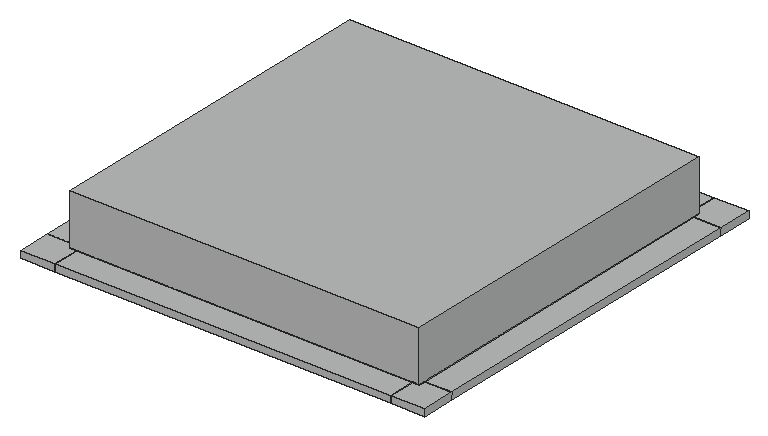
Revit family "ALUMOGIPS", category Осветительные приборы, Revit 2019 (continued)
Types (72, lengths in mm): name | Файл фотометрической сетки | built-in parameter 1150105 | Lumens | built-in parameter 1150106 | built-in parameter 1150142 | Wattage | Emit from Rectangle Width | Emit from Rectangle Length | Длина | Материал светильника | Ширина | ADSK_Ток | ADSK_Полная мощность | ADSK_Обозначение | ADSK_Номинальная мощность | ADSK_Наименование | ADSK_Масса | ADSK_Код изделия
  Alumogips-38/opal-sand 595х595 (IP54, 4000К, белый) c БАП на 1 час | "Светильник ALUMOGIPS-38 OPAL-SAND-(595x595).IES" | 302.39 (stored number, unit not read) | 3800 lm | 3.0239 (stored number, unit not read) | "IESNA:LM-63-95\r\n[TEST] Протокол № 50-12 \r\n[DATA] 20.06.2016\r\n[MORE] \r\n[MANUFAC] ЗАО \"Центрстройсвет\"\r\n[LUMCAT]  Светильник ALUMOGIPS-38/OPAL-SAND-(595x595)\r\n[LUMINAIRE]\r\n[LAMPCAT] Светодиоды\r\n[LAMP] Поток источника света (светодиодов) не известен\r\n[MORE] КСС приведена в абсолютных величинах кд\r\n[MORE] Вместо потока лампы, указан поток светильника.\r\nTILT=NONE\r\n1    3750 1.0 37 73 1 2 0.595 0.595 0.04\r\n1.0 1.0 38.7\r\n0.0 5.0 10.0 15.0 20.0 25.0 30.0 35.0 40.0 45.0 50.0 55.0 60.0 65.0 70.0 75.0 80.0 85.0 90.0 95.0 100.0 105.0 110.0 115.0 120.0 125.0 130.0 135.0 140.0 145.0 150.0 155.0 160.0 165.0 170.0 175.0 180.0\r\n0.0 5.0 10.0 15.0 20.0 25.0 30.0 35.0 40.0 45.0 50.0 55.0 60.0 65.0 70.0 75.0 80.0 85.0 90.0 95.0 100.0 105.0 110.0 115.0 120.0 125.0 130.0 135.0 140.0 145.0 150.0 155.0 160.0 165.0 170.0 175.0 180.0 185.0 190.0 195.0 200.0 205.0 210.0 215.0 220.0 225.0 230.0 235.0 240.0 245.0 250.0 255.0 260.0 265.0 270.0 275.0 280.0 285.0 290.0 295.0 300.0 305.0 310.0 315.0 320.0 325.0 330.0 335.0 340.0 345.0 350.0 355.0 360.0\r\n1391.4 1390.6 1365.7 1330.6 1277.5 1214.9 1147.5 1059.6 967.6 873.2 772.4 664.9 556.3 449.1 342.7 240.6 147.1 64.2 4.7 0.0 0.0 0.0 0.0 0.0 0.0 0.0 0.0 0.0 0.0 0.0 0.0 0.0 0.0 0.0 0.0 0.0 0.0\r\n1391.4 1390.5 1367.8 1332.7 1284.3 1221.3 1147.0 1062.1 969.2 872.4 773.2 666.3 557.1 450.1 343.8 241.9 146.9 64.7 5.2 0.0 0.0 0.0 0.0 0.0 0.0 0.0 0.0 0.0 0.0 0.0 0.0 0.0 0.0 0.0 0.0 0.0 0.0\r\n1391.4 1390.2 1372.0 1333.3 1277.3 1216.8 1144.5 1057.4 969.6 875.1 773.8 669.5 560.0 454.6 345.8 242.4 148.5 65.8 5.4 0.0 0.0 0.0 0.0 0.0 0.0 0.0 0.0 0.0 0.0 0.0 0.0 0.0 0.0 0.0 0.0 0.0 0.0\r\n1391.4 1389.8 1371.2 1330.7 1279.5 1220.5 1148.3 1059.9 967.7 873.2 767.5 666.8 561.4 453.0 347.1 243.7 149.9 65.6 5.8 0.0 0.0 0.0 0.0 0.0 0.0 0.0 0.0 0.0 0.0 0.0 0.0 0.0 0.0 0.0 0.0 0.0 0.0\r\n1391.4 1389.8 1368.3 1329.3 1285.0 1214.6 1141.1 1058.7 971.8 871.3 775.2 666.9 559.4 452.6 345.8 242.5 150.0 65.8 6.1 0.0 0.0 0.0 0.0 0.0 0.0 0.0 0.0 0.0 0.0 0.0 0.0 0.0 0.0 0.0 0.0 0.0 0.0\r\n1391.4 1390.5 1367.3 1332.3 1281.7 1219.0 1142.8 1064.6 970.5 874.4 772.1 667.5 560.2 453.0 346.2 241.8 149.4 65.7 5.6 0.0 0.0 0.0 0.0 0.0 0.0 0.0 0.0 0.0 0.0 0.0 0.0 0.0 0.0 0.0 0.0 0.0 0.0\r\n1391.4 1391.4 1368.1 1333.5 1277.3 1215.7 1139.0 1059.6 968.1 872.4 771.6 667.4 558.8 453.3 344.3 243.9 148.4 65.7 5.4 0.0 0.0 0.0 0.0 0.0 0.0 0.0 0.0 0.0 0.0 0.0 0.0 0.0 0.0 0.0 0.0 0.0 0.0\r\n1391.4 1391.7 1368.1 1330.4 1278.2 1213.9 1142.4 1061.6 967.4 875.1 772.0 669.3 561.1 452.5 345.2 242.1 148.3 65.4 5.5 0.0 0.0 0.0 0.0 0.0 0.0 0.0 0.0 0.0 0.0 0.0 0.0 0.0 0.0 0.0 0.0 0.0 0.0\r\n1391.4 1391.5 1371.0 1328.4 1278.5 1216.7 1142.1 1061.2 971.8 874.7 772.1 668.9 560.8 452.9 345.4 243.3 147.7 66.0 5.4 0.0 0.0 0.0 0.0 0.0 0.0 0.0 0.0 0.0 0.0 0.0 0.0 0.0 0.0 0.0 0.0 0.0 0.0\r\n1391.4 1391.5 1373.2 1330.5 1277.3 1215.5 1143.2 1063.6 967.0 872.7 772.2 669.4 558.9 453.2 346.6 241.9 148.1 65.2 5.5 0.0 0.0 0.0 0.0 0.0 0.0 0.0 0.0 0.0 0.0 0.0 0.0 0.0 0.0 0.0 0.0 0.0 0.0\r\n1391.4 1391.4 1369.7 1328.3 1281.3 1216.0 1139.8 1057.9 968.7 875.3 773.9 667.6 561.8 454.0 344.0 243.1 147.2 65.6 5.5 0.0 0.0 0.0 0.0 0.0 0.0 0.0 0.0 0.0 0.0 0.0 0.0 0.0 0.0 0.0 0.0 0.0 0.0\r\n1391.4 1390.5 1367.9 1330.1 1278.1 1218.1 1138.9 1061.0 970.0 871.8 770.4 669.3 560.2 453.4 346.9 242.1 148.3 65.2 5.2 0.0 0.0 0.0 0.0 0.0 0.0 0.0 0.0 0.0 0.0 0.0 0.0 0.0 0.0 0.0 0.0 0.0 0.0\r\n1391.4 1389.3 1368.2 1329.1 1280.8 1214.4 1142.5 1059.2 967.2 874.3 772.4 668.0 563.1 452.3 345.7 242.8 146.8 64.9 5.1 0.0 0.0 0.0 0.0 0.0 0.0 0.0 0.0 0.0 0.0 0.0 0.0 0.0 0.0 0.0 0.0 0.0 0.0\r\n1391.4 1388.6 1367.4 1327.8 1278.0 1215.7 1141.0 1061.0 971.5 877.3 771.2 667.3 561.5 453.0 346.4 242.4 146.3 64.8 5.2 0.0 0.0 0.0 0.0 0.0 0.0 0.0 0.0 0.0 0.0 0.0 0.0 0.0 0.0 0.0 0.0 0.0 0.0\r\n1391.4 1388.0 1367.6 1326.7 1278.3 1218.0 1140.9 1061.5 968.4 873.4 770.1 666.6 562.1 454.6 344.8 241.8 146.4 64.0 5.5 0.0 0.0 0.0 0.0 0.0 0.0 0.0 0.0 0.0 0.0 0.0 0.0 0.0 0.0 0.0 0.0 0.0 0.0\r\n1391.4 1387.2 1366.1 1331.0 1281.4 1216.3 1142.7 1059.1 969.4 871.5 772.2 667.3 560.5 453.0 344.4 242.2 146.4 63.8 5.6 0.0 0.0 0.0 0.0 0.0 0.0 0.0 0.0 0.0 0.0 0.0 0.0 0.0 0.0 0.0 0.0 0.0 0.0\r\n1391.4 1387.1 1366.3 1328.7 1276.9 1214.5 1141.2 1059.3 968.4 874.3 775.5 668.3 562.5 454.9 346.4 241.3 146.2 63.5 5.7 0.0 0.0 0.0 0.0 0.0 0.0 0.0 0.0 0.0 0.0 0.0 0.0 0.0 0.0 0.0 0.0 0.0 0.0\r\n1391.4 1388.4 1366.0 1329.7 1279.2 1217.9 1140.0 1060.5 969.0 873.9 772.0 671.3 560.4 453.2 343.7 241.7 145.8 63.7 5.4 0.0 0.0 0.0 0.0 0.0 0.0 0.0 0.0 0.0 0.0 0.0 0.0 0.0 0.0 0.0 0.0 0.0 0.0\r\n1391.4 1389.6 1367.7 1329.3 1277.2 1211.1 1140.1 1061.0 971.0 871.2 769.2 669.1 561.5 453.1 343.3 241.9 145.8 63.4 5.2 0.0 0.0 0.0 0.0 0.0 0.0 0.0 0.0 0.0 0.0 0.0 0.0 0.0 0.0 0.0 0.0 0.0 0.0\r\n1391.4 1388.8 1366.9 1327.1 1279.4 1214.2 1142.5 1056.4 970.7 870.3 771.0 665.1 560.4 453.3 343.8 241.1 145.7 63.4 5.2 0.0 0.0 0.0 0.0 0.0 0.0 0.0 0.0 0.0 0.0 0.0 0.0 0.0 0.0 0.0 0.0 0.0 0.0\r\n1391.4 1387.2 1365.8 1328.9 1276.6 1210.2 1141.4 1059.3 966.6 871.4 770.5 667.4 559.2 451.4 344.2 241.0 145.6 63.2 5.1 0.0 0.0 0.0 0.0 0.0 0.0 0.0 0.0 0.0 0.0 0.0 0.0 0.0 0.0 0.0 0.0 0.0 0.0\r\n1391.4 1386.8 1364.4 1329.8 1279.4 1213.7 1144.0 1059.0 965.3 873.7 768.8 668.9 559.4 449.5 342.6 241.5 144.6 63.4 5.0 0.0 0.0 0.0 0.0 0.0 0.0 0.0 0.0 0.0 0.0 0.0 0.0 0.0 0.0 0.0 0.0 0.0 0.0\r\n1391.4 1388.1 1365.8 1328.1 1273.8 1213.4 1137.9 1059.2 967.3 869.2 769.3 667.7 558.4 451.4 344.0 240.6 145.7 63.4 4.9 0.0 0.0 0.0 0.0 0.0 0.0 0.0 0.0 0.0 0.0 0.0 0.0 0.0 0.0 0.0 0.0 0.0 0.0\r\n1391.4 1389.2 1364.4 1323.2 1276.3 1213.8 1137.6 1055.3 963.1 871.0 767.7 664.1 559.7 447.1 342.4 240.1 145.2 63.9 5.1 0.0 0.0 0.0 0.0 0.0 0.0 0.0 0.0 0.0 0.0 0.0 0.0 0.0 0.0 0.0 0.0 0.0 0.0\r\n1391.4 1388.4 1362.3 1326.8 1274.4 1212.2 1137.9 1054.7 966.7 867.9 768.7 663.4 557.3 449.2 343.3 240.0 145.7 63.6 5.0 0.0 0.0 0.0 0.0 0.0 0.0 0.0 0.0 0.0 0.0 0.0 0.0 0.0 0.0 0.0 0.0 0.0 0.0\r\n1391.4 1386.2 1361.8 1326.5 1273.3 1211.2 1134.5 1048.6 964.3 866.3 767.8 662.9 556.7 449.5 341.9 239.8 145.7 63.7 5.0 0.0 0.0 0.0 0.0 0.0 0.0 0.0 0.0 0.0 0.0 0.0 0.0 0.0 0.0 0.0 0.0 0.0 0.0\r\n1391.4 1384.4 1363.5 1324.4 1272.0 1209.5 1137.2 1053.0 960.2 867.5 767.9 662.7 556.7 449.2 342.5 239.1 146.2 63.8 4.8 0.0 0.0 0.0 0.0 0.0 0.0 0.0 0.0 0.0 0.0 0.0 0.0 0.0 0.0 0.0 0.0 0.0 0.0\r\n1391.4 1383.7 1362.4 1324.4 1274.0 1209.5 1134.4 1050.1 965.4 864.9 764.6 662.3 556.6 447.9 340.5 240.3 145.5 64.6 4.6 0.0 0.0 0.0 0.0 0.0 0.0 0.0 0.0 0.0 0.0 0.0 0.0 0.0 0.0 0.0 0.0 0.0 0.0\r\n1391.4 1384.4 1361.9 1326.9 1270.2 1207.3 1132.7 1050.1 959.7 867.7 763.1 662.2 555.0 447.3 343.0 238.3 145.8 63.9 4.7 0.0 0.0 0.0 0.0 0.0 0.0 0.0 0.0 0.0 0.0 0.0 0.0 0.0 0.0 0.0 0.0 0.0 0.0\r\n1391.4 1385.1 1363.0 1320.0 1270.4 1207.9 1134.4 1055.0 963.5 867.3 766.7 660.7 555.9 450.1 342.6 240.2 145.9 64.3 4.9 0.0 0.0 0.0 0.0 0.0 0.0 0.0 0.0 0.0 0.0 0.0 0.0 0.0 0.0 0.0 0.0 0.0 0.0\r\n1391.4 1384.9 1362.3 1321.4 1273.1 1208.0 1135.4 1052.3 961.9 865.0 764.0 660.8 553.5 447.6 341.2 240.3 146.1 63.8 4.8 0.0 0.0 0.0 0.0 0.0 0.0 0.0 0.0 0.0 0.0 0.0 0.0 0.0 0.0 0.0 0.0 0.0 0.0\r\n1391.4 1383.8 1361.2 1322.1 1265.1 1211.5 1132.8 1049.3 961.3 863.4 764.0 661.0 550.7 447.9 341.0 240.1 146.2 63.8 4.6 0.0 0.0 0.0 0.0 0.0 0.0 0.0 0.0 0.0 0.0 0.0 0.0 0.0 0.0 0.0 0.0 0.0 0.0\r\n1391.4 1382.8 1359.3 1321.5 1269.3 1206.8 1132.8 1051.1 958.3 863.2 763.1 662.7 553.4 448.0 340.4 240.0 145.8 63.8 4.0 0.0 0.0 0.0 0.0 0.0 0.0 0.0 0.0 0.0 0.0 0.0 0.0 0.0 0.0 0.0 0.0 0.0 0.0\r\n1391.4 1382.6 1359.0 1319.6 1268.1 1204.3 1129.8 1049.0 957.7 861.8 761.7 658.4 554.2 446.1 340.4 239.0 145.6 63.8 3.8 0.0 0.0 0.0 0.0 0.0 0.0 0.0 0.0 0.0 0.0 0.0 0.0 0.0 0.0 0.0 0.0 0.0 0.0\r\n1391.4 1382.8 1358.5 1315.8 1266.5 1202.1 1128.5 1049.2 957.6 860.0 762.1 658.2 549.9 443.8 339.6 238.4 145.7 63.6 3.7 0.0 0.0 0.0 0.0 0.0 0.0 0.0 0.0 0.0 0.0 0.0 0.0 0.0 0.0 0.0 0.0 0.0 0.0\r\n1391.4 1382.2 1360.5 1319.2 1265.9 1204.5 1129.9 1046.9 955.0 862.9 758.9 657.9 552.5 444.9 338.9 238.8 145.3 63.6 3.3 0.0 0.0 0.0 0.0 0.0 0.0 0.0 0.0 0.0 0.0 0.0 0.0 0.0 0.0 0.0 0.0 0.0 0.0\r\n1391.4 1381.1 1361.2 1321.0 1268.1 1203.8 1128.8 1047.4 955.6 863.7 761.1 656.4 551.5 445.2 339.2 238.5 144.7 62.5 3.5 0.0 0.0 0.0 0.0 0.0 0.0 0.0 0.0 0.0 0.0 0.0 0.0 0.0 0.0 0.0 0.0 0.0 0.0\r\n1391.4 1380.6 1359.0 1316.4 1268.5 1204.0 1126.1 1049.5 956.2 859.6 759.7 656.5 549.2 444.3 338.4 236.1 143.8 61.6 3.2 0.0 0.0 0.0 0.0 0.0 0.0 0.0 0.0 0.0 0.0 0.0 0.0 0.0 0.0 0.0 0.0 0.0 0.0\r\n1391.4 1380.7 1356.6 1316.0 1267.0 1205.6 1130.3 1044.8 956.9 856.7 759.3 653.5 548.1 441.9 335.3 235.4 141.4 60.3 2.9 0.0 0.0 0.0 0.0 0.0 0.0 0.0 0.0 0.0 0.0 0.0 0.0 0.0 0.0 0.0 0.0 0.0 0.0\r\n1391.4 1380.4 1354.4 1317.9 1268.8 1199.0 1129.0 1044.0 956.9 860.6 758.3 656.9 549.1 442.0 334.4 236.1 141.7 60.5 2.6 0.0 0.0 0.0 0.0 0.0 0.0 0.0 0.0 0.0 0.0 0.0 0.0 0.0 0.0 0.0 0.0 0.0 0.0\r\n1391.4 1380.1 1356.7 1322.1 1264.6 1201.7 1129.9 1047.4 957.2 859.7 758.2 656.1 549.4 442.8 335.3 235.8 141.3 60.6 2.3 0.0 0.0 0.0 0.0 0.0 0.0 0.0 0.0 0.0 0.0 0.0 0.0 0.0 0.0 0.0 0.0 0.0 0.0\r\n1391.4 1379.9 1357.3 1317.5 1265.9 1207.8 1129.2 1046.5 955.7 860.2 758.6 656.9 550.7 441.9 335.4 233.9 140.6 60.2 2.4 0.0 0.0 0.0 0.0 0.0 0.0 0.0 0.0 0.0 0.0 0.0 0.0 0.0 0.0 0.0 0.0 0.0 0.0\r\n1391.4 1379.2 1355.5 1314.6 1269.3 1203.7 1133.5 1044.8 957.2 857.9 762.0 656.6 548.7 440.4 335.9 234.5 140.4 59.8 2.8 0.0 0.0 0.0 0.0 0.0 0.0 0.0 0.0 0.0 0.0 0.0 0.0 0.0 0.0 0.0 0.0 0.0 0.0\r\n1391.4 1377.9 1357.1 1319.2 1271.9 1204.4 1128.6 1050.2 953.1 856.9 757.6 653.7 548.9 439.9 335.4 232.4 140.5 59.2 3.0 0.0 0.0 0.0 0.0 0.0 0.0 0.0 0.0 0.0 0.0 0.0 0.0 0.0 0.0 0.0 0.0 0.0 0.0\r\n1391.4 1377.2 1356.3 1322.9 1266.0 1204.8 1132.2 1049.0 958.1 859.3 759.0 654.6 547.0 441.6 334.9 232.1 139.3 58.8 2.9 0.0 0.0 0.0 0.0 0.0 0.0 0.0 0.0 0.0 0.0 0.0 0.0 0.0 0.0 0.0 0.0 0.0 0.0\r\n1391.4 1377.8 1353.8 1319.7 1269.6 1207.9 1135.8 1049.5 955.8 858.0 762.4 655.9 548.2 441.6 335.6 231.7 139.4 58.8 2.8 0.0 0.0 0.0 0.0 0.0 0.0 0.0 0.0 0.0 0.0 0.0 0.0 0.0 0.0 0.0 0.0 0.0 0.0\r\n1391.4 1378.5 1355.2 1319.8 1267.3 1206.5 1131.2 1046.1 954.6 861.2 756.6 653.8 548.1 440.3 335.0 232.6 138.6 59.0 2.9 0.0 0.0 0.0 0.0 0.0 0.0 0.0 0.0 0.0 0.0 0.0 0.0 0.0 0.0 0.0 0.0 0.0 0.0\r\n1391.4 1378.6 1355.1 1318.3 1269.7 1200.8 1133.1 1049.0 957.6 862.5 762.4 656.9 549.3 443.5 334.7 231.2 138.8 58.1 3.0 0.0 0.0 0.0 0.0 0.0 0.0 0.0 0.0 0.0 0.0 0.0 0.0 0.0 0.0 0.0 0.0 0.0 0.0\r\n1391.4 1378.8 1355.8 1321.7 1268.8 1210.0 1129.0 1048.5 958.8 862.4 762.2 656.4 549.0 441.1 335.4 231.5 138.5 58.1 3.0 0.0 0.0 0.0 0.0 0.0 0.0 0.0 0.0 0.0 0.0 0.0 0.0 0.0 0.0 0.0 0.0 0.0 0.0\r\n1391.4 1379.6 1357.6 1321.7 1269.0 1207.1 1133.9 1047.0 964.1 863.3 761.9 656.4 551.5 440.7 334.9 232.2 137.6 58.1 2.8 0.0 0.0 0.0 0.0 0.0 0.0 0.0 0.0 0.0 0.0 0.0 0.0 0.0 0.0 0.0 0.0 0.0 0.0\r\n1391.4 1380.6 1357.7 1319.2 1272.0 1207.5 1131.3 1054.6 959.0 863.3 764.8 655.9 549.1 443.0 335.1 231.3 138.0 58.1 2.7 0.0 0.0 0.0 0.0 0.0 0.0 0.0 0.0 0.0 0.0 0.0 0.0 0.0 0.0 0.0 0.0 0.0 0.0\r\n1391.4 1381.5 1358.5 1321.9 1271.0 1204.1 1135.9 1055.8 962.5 865.5 761.1 656.9 550.6 442.0 335.3 231.9 137.4 57.9 2.6 0.0 0.0 0.0 0.0 0.0 0.0 0.0 0.0 0.0 0.0 0.0 0.0 0.0 0.0 0.0 0.0 0.0 0.0\r\n1391.4 1381.3 1358.5 1322.3 1270.8 1207.2 1133.7 1051.9 958.0 867.3 767.5 657.0 552.1 442.3 333.6 231.2 137.9 57.8 2.6 0.0 0.0 0.0 0.0 0.0 0.0 0.0 0.0 0.0 0.0 0.0 0.0 0.0 0.0 0.0 0.0 0.0 0.0\r\n1391.4 1380.6 1359.4 1319.7 1270.6 1209.0 1133.0 1052.1 963.9 867.5 764.1 660.0 554.0 443.3 334.8 231.7 137.6 57.8 2.7 0.0 0.0 0.0 0.0 0.0 0.0 0.0 0.0 0.0 0.0 0.0 0.0 0.0 0.0 0.0 0.0 0.0 0.0\r\n1391.4 1381.3 1359.9 1321.3 1270.6 1204.8 1135.0 1051.3 962.1 865.5 761.7 660.3 553.1 443.5 334.1 231.9 137.9 57.8 2.8 0.0 0.0 0.0 0.0 0.0 0.0 0.0 0.0 0.0 0.0 0.0 0.0 0.0 0.0 0.0 0.0 0.0 0.0\r\n1391.4 1383.1 1362.1 1324.8 1273.8 1208.7 1134.8 1055.9 961.8 866.4 762.3 659.7 552.4 443.7 334.4 232.8 138.0 58.0 2.8 0.0 0.0 0.0 0.0 0.0 0.0 0.0 0.0 0.0 0.0 0.0 0.0 0.0 0.0 0.0 0.0 0.0 0.0\r\n1391.4 1384.6 1360.4 1321.7 1272.0 1210.6 1130.9 1052.5 963.1 866.7 767.4 659.3 553.7 444.6 335.4 233.1 138.3 58.0 2.8 0.0 0.0 0.0 0.0 0.0 0.0 0.0 0.0 0.0 0.0 0.0 0.0 0.0 0.0 0.0 0.0 0.0 0.0\r\n1391.4 1385.6 1357.5 1324.7 1273.9 1211.6 1134.3 1052.7 963.6 865.4 763.1 658.7 552.2 444.9 336.9 232.8 138.8 58.6 2.9 0.0 0.0 0.0 0.0 0.0 0.0 0.0 0.0 0.0 0.0 0.0 0.0 0.0 0.0 0.0 0.0 0.0 0.0\r\n1391.4 1386.4 1357.8 1323.4 1273.2 1212.2 1136.3 1054.7 967.5 867.5 764.0 659.4 553.3 443.7 336.8 233.2 138.9 58.5 3.1 0.0 0.0 0.0 0.0 0.0 0.0 0.0 0.0 0.0 0.0 0.0 0.0 0.0 0.0 0.0 0.0 0.0 0.0\r\n1391.4 1386.6 1362.0 1324.9 1273.2 1211.3 1139.0 1049.9 960.3 866.4 768.0 661.3 552.2 443.4 336.3 233.4 139.8 58.9 3.1 0.0 0.0 0.0 0.0 0.0 0.0 0.0 0.0 0.0 0.0 0.0 0.0 0.0 0.0 0.0 0.0 0.0 0.0\r\n1391.4 1386.0 1360.5 1326.0 1271.8 1212.0 1137.2 1059.3 963.5 867.6 766.9 661.2 552.3 445.8 337.8 233.6 141.0 59.2 3.3 0.0 0.0 0.0 0.0 0.0 0.0 0.0 0.0 0.0 0.0 0.0 0.0 0.0 0.0 0.0 0.0 0.0 0.0\r\n1391.4 1385.0 1362.3 1325.1 1272.0 1207.1 1138.5 1053.6 964.5 865.8 766.5 661.6 554.3 445.9 337.0 234.5 140.4 60.2 3.5 0.0 0.0 0.0 0.0 0.0 0.0 0.0 0.0 0.0 0.0 0.0 0.0 0.0 0.0 0.0 0.0 0.0 0.0\r\n1391.4 1384.4 1361.8 1323.6 1274.0 1214.8 1138.9 1053.9 968.0 867.9 769.0 663.8 555.6 446.7 339.6 235.0 141.3 60.4 3.4 0.0 0.0 0.0 0.0 0.0 0.0 0.0 0.0 0.0 0.0 0.0 0.0 0.0 0.0 0.0 0.0 0.0 0.0\r\n1391.4 1385.0 1360.9 1322.2 1272.4 1209.8 1137.2 1055.7 962.7 869.7 769.6 658.2 556.6 447.4 338.5 236.2 142.5 60.7 3.4 0.0 0.0 0.0 0.0 0.0 0.0 0.0 0.0 0.0 0.0 0.0 0.0 0.0 0.0 0.0 0.0 0.0 0.0\r\n1391.4 1386.6 1363.1 1323.6 1272.5 1211.5 1139.2 1058.4 969.9 868.0 768.8 664.6 556.3 445.8 342.1 236.1 142.3 61.2 3.5 0.0 0.0 0.0 0.0 0.0 0.0 0.0 0.0 0.0 0.0 0.0 0.0 0.0 0.0 0.0 0.0 0.0 0.0\r\n1391.4 1388.6 1360.9 1330.2 1273.7 1213.2 1138.7 1058.3 966.2 867.0 766.8 663.4 553.3 447.1 339.2 238.7 143.0 61.4 3.8 0.0 0.0 0.0 0.0 0.0 0.0 0.0 0.0 0.0 0.0 0.0 0.0 0.0 0.0 0.0 0.0 0.0 0.0\r\n1391.4 1389.8 1360.8 1328.4 1276.8 1216.0 1140.1 1055.8 963.1 870.3 768.4 663.1 554.0 449.1 340.1 237.3 144.8 61.7 3.8 0.0 0.0 0.0 0.0 0.0 0.0 0.0 0.0 0.0 0.0 0.0 0.0 0.0 0.0 0.0 0.0 0.0 0.0\r\n1391.4 1389.3 1362.5 1325.9 1278.0 1210.4 1138.2 1054.7 967.8 872.7 770.2 661.9 556.5 446.9 341.3 237.7 144.4 62.5 3.9 0.0 0.0 0.0 0.0 0.0 0.0 0.0 0.0 0.0 0.0 0.0 0.0 0.0 0.0 0.0 0.0 0.0 0.0\r\n1391.4 1387.8 1365.8 1326.6 1274.3 1213.2 1141.4 1053.1 966.2 871.2 768.4 663.7 555.0 447.1 341.3 238.2 144.3 62.7 4.1 0.0 0.0 0.0 0.0 0.0 0.0 0.0 0.0 0.0 0.0 0.0 0.0 0.0 0.0 0.0 0.0 0.0 0.0\r\n1391.4 1387.2 1364.2 1328.3 1274.8 1209.4 1145.0 1060.0 963.9 867.5 766.5 663.4 556.7 448.2 340.9 240.3 144.7 63.3 4.0 0.0 0.0 0.0 0.0 0.0 0.0 0.0 0.0 0.0 0.0 0.0 0.0 0.0 0.0 0.0 0.0 0.0 0.0\r\n1391.4 1388.4 1364.9 1332.6 1279.0 1215.6 1140.9 1056.3 969.3 867.1 770.0 663.8 559.0 449.0 342.4 240.3 145.7 63.3 4.7 0.0 0.0 0.0 0.0 0.0 0.0 0.0 0.0 0.0 0.0 0.0 0.0 0.0 0.0 0.0 0.0 0.0 0.0\r\n1391.4 1390.0 1364.5 1329.3 1281.4 1217.7 1141.3 1063.3 970.3 871.1 768.8 663.5 555.2 449.3 342.4 239.8 146.6 63.3 4.9 0.0 0.0 0.0 0.0 0.0 0.0 0.0 0.0 0.0 0.0 0.0 0.0 0.0 0.0 0.0 0.0 0.0 0.0\r\n1391.4 1390.6 1365.7 1330.6 1277.5 1214.9 1147.5 1059.6 967.6 873.2 772.4 664.9 556.3 449.1 342.7 240.6 147.1 64.2 4.7 0.0 0.0 0.0 0.0 0.0 0.0 0.0 0.0 0.0 0.0 0.0 0.0 0.0 0.0 0.0 0.0 0.0 0.0\r\n" | 25.582 W | 575 | 575 | 595 | RAL 9001 | 595 | 0.179584 A | 41.3043 VA | "Alumogips-38/opal-sand 595х595 (IP54, 4000К, белый)" | 38 W | "Встраиваемый светодиодный светильник Alumogips-38/opal-sand 595х595 (IP54, 4000К, белый) c БАП на 1 час" | 2.4 | "ЦБ0000
    07446"
